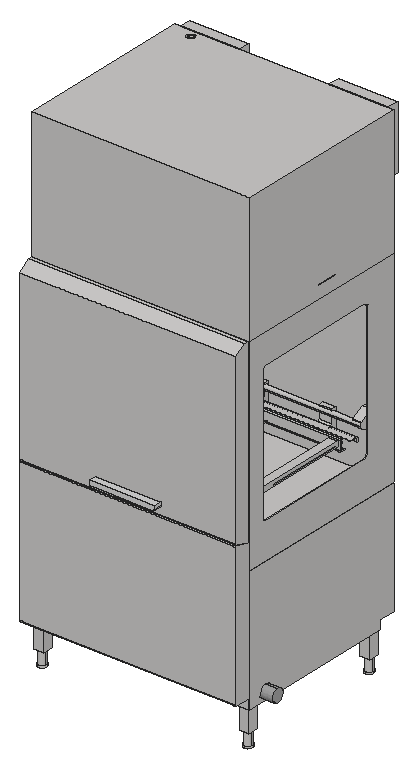
Revit family "QF_ELECTROLUXPROFESSIONAL_535145 bozza", category Specialty Equipment, Revit 2022
Family settings
  Round Connector Dimension = Use Diameter
  Part Type = Normal
  Work Plane-Based = No
  Always vertical = Yes
  Cut with Voids When Loaded = No
  Maintain Annotation Orientation = No
  Shared = No
  Room Calculation Point = No
Parameters
  Weight = 136.00 kg
  Watts = 0 W
  Volts = 380 V
  URL Manufacturer = "http://professional.electrolux.com/"
  URL = "http://professional.electrolux.com/"
  Steam Supply Size = 0 mm
  Steam Supply Minimum Pressure = 0.0 Pa
  Steam Supply Maximum Pressure = 0.0 Pa
  Steam Pounds per Hour = 0
  Show Clearance [instance] = yes
  Refrigeration Suction Line Size = 0 mm
  Refrigeration Liquid Line Size = 0 mm
  Refrigerant Compressor Remote = yes
  Manufacturer = "Electrolux"
  Phase = 3
  Model = "NLDEH"
  Length Actual = 890 mm  # constant formula
  Item Number = "535145"
  Hot Water Size = 0 mm
  Height Actual = 2020 mm  # constant formula
  HP = "11.4 HP"
  Gas Size = 0 mm
  Gas KW = 0
  Gas Input Pressure = 0 W
  Direct Waste Size = 50 mm
  Description = "35'' DRYER WITH DOOR, ELECTRIC"
  Depth Actual = 873 mm  # constant formula
  Default Elevation = 0 mm
  Cycle = 50 Hz
  Condensate Return Size = 0 mm
  Compressed Air Volume = 0.0 L/s
  Compressed Air Size = 0 mm
  Compressed Air Pressure = 0.0 Pa
  Cold Water Size = 0 mm
  Accessory = yes
Reference planes
  plane 1 "Center X": y = -14.242
  plane 2: z = 0
  plane 3 "Center Y": x = 293.437
  plane 4 "LEFT": x = -151.563
  plane 5 "RIGHT": x = 738.437
  plane 6 "BACK": y = 383.258
  plane 7 "FRONT": y = -411.742
  plane 8: z = 150
  plane 9: z = 2095
  plane 10: z = 185
  plane 11 "TOP": z = 2020
Forms (mm)
  Extrusion 1, solid, material "QF_Clearance", visible <- "Show Clearance", detail levels coarse
    sketch origin (0, 0, 0) x (1, 0, 0) y (0, 1, 0)
      loop
        line (-151.563, 383.258) -> (738.437, 383.258) -> (738.437, 433.258) -> (-151.563, 433.258) -> (-151.563, 383.258)
    from 0 to 2020
  Extrusion 2, solid, material "QF_Finishes_Stainless Steel"
    sketch origin (-151.563, 437.565, 4000) x (0, 1, 0) y (0, 0, 1)
      loop
        line (-54.307, -2507) -> (-786.807, -2507) -> (-786.807, -3337)
        arc (-786.807, -3337) -> (-785.343, -3340.536) -> (-781.807, -3342) r 5
        line (-781.807, -3342) -> (-59.307, -3342)
        arc (-59.307, -3342) -> (-55.772, -3340.536) -> (-54.307, -3337) r 5
        line (-54.307, -3337) -> (-54.307, -2507)
      loop
        line (-203.511, -2625.157) -> (-705.104, -2625.157)
        arc (-705.104, -2625.157) -> (-717.267, -2630.195) -> (-722.305, -2642.358) r 17.201
        line (-722.305, -2642.358) -> (-722.305, -3177.057)
        arc (-722.305, -3177.057) -> (-717.267, -3189.22) -> (-705.104, -3194.258) r 17.201
        line (-705.104, -3194.258) -> (-203.511, -3194.258)
        arc (-203.511, -3194.258) -> (-191.348, -3189.22) -> (-186.31, -3177.057) r 17.201
        line (-186.31, -3177.057) -> (-186.31, -2642.358)
        arc (-186.31, -2642.358) -> (-191.348, -2630.195) -> (-203.511, -2625.157) r 17.201
    from 0 to 5
  Extrusion 3, solid, material "QF_Finishes_Stainless Steel"
    sketch origin (293.437, 0, 235) x (0, 1, 0) y (0, 0, 1)
      loop
        line (383.258, 1785) -> (-349.242, 1785) -> (-349.242, 1258) -> (383.258, 1258) -> (383.258, 1785)
    from -445 to 445
  Extrusion 4, solid, material "QF_Finishes_Stainless Steel"
    sketch origin (293.437, 0, 0) x (0, 1, 0) y (0, 0, 1)
      loop
        line (383.258, 1493) -> (-349.242, 1493) -> (-349.242, 150) -> (315.758, 150) -> (315.758, 188) -> (383.258, 188) -> (383.258, 1493)
      loop
        line (315.758, 1443) -> (-324.242, 1443) -> (-324.242, 708) -> (315.758, 708) -> (315.758, 1443)
      loop
        line (312.758, 191) -> (380.258, 191) -> (380.258, 653) -> (-346.242, 653) -> (-346.242, 153) -> (312.758, 153) -> (312.758, 191)
    from -440 to 440
  Extrusion 5, solid, material "QF_Finishes_Stainless Steel"
    sketch origin (-151.563, 437.565, 4000) x (0, 1, 0) y (0, 0, 1)
      loop
        line (-59.307, -3344) -> (-781.807, -3344)
        arc (-781.807, -3344) -> (-785.343, -3345.464) -> (-786.807, -3349) r 5
        line (-786.807, -3349) -> (-786.807, -3850) -> (-121.807, -3850) -> (-121.807, -3812) -> (-54.307, -3812) -> (-54.307, -3349)
        arc (-54.307, -3349) -> (-55.772, -3345.464) -> (-59.307, -3344) r 5
      loop
        circle (-707.31, -3815) r 28
    from 0 to 5
  Extrusion 6, solid, material "QF_Finishes_Stainless Steel"
    sketch origin (738.437, 479.936, 4000) x (0, 1, 0) y (0, 0, 1)
      loop
        line (-96.678, -2507) -> (-829.178, -2507) -> (-829.178, -3337)
        arc (-829.178, -3337) -> (-827.714, -3340.536) -> (-824.178, -3342) r 5
        line (-824.178, -3342) -> (-101.678, -3342)
        arc (-101.678, -3342) -> (-98.142, -3340.536) -> (-96.678, -3337) r 5
        line (-96.678, -3337) -> (-96.678, -2507)
      loop
        line (-245.882, -2625.157) -> (-747.475, -2625.157)
        arc (-747.475, -2625.157) -> (-759.638, -2630.195) -> (-764.676, -2642.358) r 17.201
        line (-764.676, -2642.358) -> (-764.676, -3177.057)
        arc (-764.676, -3177.057) -> (-759.638, -3189.22) -> (-747.475, -3194.258) r 17.201
        line (-747.475, -3194.258) -> (-245.882, -3194.258)
        arc (-245.882, -3194.258) -> (-233.718, -3189.22) -> (-228.68, -3177.057) r 17.201
        line (-228.68, -3177.057) -> (-228.68, -2642.358)
        arc (-228.68, -2642.358) -> (-233.718, -2630.195) -> (-245.882, -2625.157) r 17.201
    from -5 to 0
  Extrusion 7, solid, material "QF_Finishes_Stainless Steel"
    sketch origin (738.437, 479.936, 4000) x (0, 1, 0) y (0, 0, 1)
      loop
        line (-101.678, -3344) -> (-824.178, -3344)
        arc (-824.178, -3344) -> (-827.714, -3345.464) -> (-829.178, -3349) r 5
        line (-829.178, -3349) -> (-829.178, -3850) -> (-164.178, -3850) -> (-164.178, -3812) -> (-96.678, -3812) -> (-96.678, -3349)
        arc (-96.678, -3349) -> (-98.142, -3345.464) -> (-101.678, -3344) r 5
      loop
        circle (-749.68, -3815) r 28
    from -5 to 0
  Extrusion 8, void
    sketch origin (293.437, 383.258, 2020) x (1, 0, 0) y (0, -1, 0)
      loop
        circle (-353, 33.75) r 8
      loop
        circle (-353, 33.75) r 16
    from 0 to 5
  Extrusion 9, solid, material "QF_Finishes_Gray"
    sketch origin (483.437, -244.744, 185) x (0, 0, -1) y (0, -1, 0)
      loop
        circle (0, 25) r 25
    from -305 to 685
  Sweep 10, solid, material "QF_Finishes_Gray"
    path in 3D
      loop
        line (360.437, -16.742, 627.464) -> (360.437, -16.742, 185) -> (360.437, -269.744, 185)
    profile origin (360.437, -16.742, 406.232) x (-1, 0, 0) y (0, -1, 0)
      loop
        circle (0, 0) r 25
  Revolve 11, solid, material "QF_Finishes_Gray"
    sketch origin (360.437, -16.742, 0) x (1, 0, 0) y (0, 0, -1)
      loop
        line (0, -658) -> (40, -658) -> (40, -648) -> (30, -648) -> (30, -636) -> (26.464, -632.464) -> (26.464, -627.464) -> (0, -627.464) -> (0, -658)
      axis (0, -627.464) -> (0, -658)
    angle from 0 to 360
  Extrusion 12, solid, material "QF_Finishes_Stainless Steel"
    sketch origin (0, 0, 0) x (1, 0, 0) y (0, 1, 0)
      loop
        line (-128.569, 431.258) -> (-128.569, 383.258) -> (111.431, 383.258) -> (111.431, 431.258) -> (-128.569, 431.258)
      loop
        line (475.432, 431.258) -> (475.432, 383.258) -> (715.437, 383.258) -> (715.437, 431.258) -> (475.432, 431.258)
    from 1760 to 2020
Cuts and joins
  Extrusion 8 cuts Extrusion 3
Lines and regions (mm)
  symbolic lines, style "QF_Clearances", visible <- "Show Clearance", detail levels coarse
    curve 1: line (738.437, 433.258, 2020) -> (-151.563, 433.258, 2020)
  symbolic lines
    curve 2: line (-151.563, 383.258, 0) -> (738.437, 383.258, 0)
    curve 3: line (-151.563, -349.242, 0) -> (-151.563, 383.258, 0)
    curve 4: line (738.437, -349.242, 0) -> (-151.563, -349.242, 0)
    curve 5: line (738.437, 383.258, 0) -> (738.437, -349.242, 0)
    curve 6: line (-151.563, 315.758, 0) -> (738.437, 315.758, 0)
  sketch lines
    curve 7: line (360.437, -16.742, 627.464) -> (360.437, -16.742, 185)
    curve 8: line (360.437, -269.744, 185) -> (360.437, -16.742, 185)
Dimensions and locks
  plane 4 "LEFT" to plane 5 "RIGHT" = 890 mm
  equal spacing: plane 6 "BACK", plane 1 "Center X", plane 7 "FRONT"
  plane 6 "BACK" to plane 7 "FRONT" = 795 mm
  plane 8 to level = 150 mm
  Extrusion 1 to Extrusion 8 sketch curve = 92 mm
  locked: Extrusion 5 to plane 4 "LEFT" at 5
  locked: plane 5 "RIGHT" to Extrusion 7 at 5
  Extrusion 12 to nested 6 = 873 mm
  aligned and locked: level to plane 2
  aligned and locked: cut or joined group of Extrusion 3, Extrusion 8 to plane 4 "LEFT"
  aligned and locked: plane 5 "RIGHT" to cut or joined group of Extrusion 3, Extrusion 8
  aligned and locked: Extrusion 6 to Extrusion 7
  aligned and locked: Extrusion 4 to Extrusion 7
  aligned and locked: Extrusion 4 to Extrusion 5
  aligned and locked: curve 2 to plane 6 "BACK"
  aligned and locked: curve 5 to plane 5 "RIGHT"
  aligned and locked: plane 4 "LEFT" to curve 3
  aligned and locked: curve 4 to Extrusion 4
  aligned and locked: plane 3 "Center Y" to nested 3
Automatic sketch dimensions
  Extrusion 1 sketch curve to plane 4 "LEFT" = 0 mm
  Extrusion 1 sketch curve to plane 5 "RIGHT" = 0 mm
  Extrusion 1 sketch curve to plane 6 "BACK" = 0 mm
  plane 6 "BACK" to Extrusion 1 sketch curve = 50 mm
  Extrusion 2 sketch curve to plane 6 "BACK" = 0 mm
  Extrusion 2 sketch curve to Extrusion 2 sketch curve = 5 mm  (x2)
  Extrusion 2 sketch curve to plane 6 "BACK" = 132.002 mm  (x2)
  Extrusion 2 sketch curve to Extrusion 2 sketch curve = 17.201 mm  (x3)
  plane 7 "FRONT" to Extrusion 2 sketch curve = 144.203 mm  (x2)
  plane 7 "FRONT" to Extrusion 2 sketch curve = 67.5 mm
  plane 10 to Extrusion 2 sketch curve = 473 mm
  Extrusion 2 sketch curve to Extrusion 2 sketch curve = 142.742 mm
  Extrusion 2 sketch curve to Extrusion 2 sketch curve = 0 mm  (x2)
  Extrusion 2 sketch curve to Extrusion 2 sketch curve = 534.698 mm
  Extrusion 2 sketch curve to Extrusion 2 sketch curve = 135.358 mm
  Extrusion 3 sketch curve to plane 6 "BACK" = 0 mm
  plane 7 "FRONT" to Extrusion 3 sketch curve = 62.5 mm
  Extrusion 3 sketch curve to Extrusion 3 sketch curve = 527 mm
  Extrusion 4 sketch curve to plane 8 = 0 mm
  Extrusion 4 sketch curve to plane 6 "BACK" = 0 mm
  plane 10 to Extrusion 4 sketch curve = 3 mm
  Extrusion 4 sketch curve to plane 6 "BACK" = 67.5 mm  (x2)
  plane 7 "FRONT" to Extrusion 4 sketch curve = 62.5 mm
  Extrusion 4 sketch curve to Extrusion 4 sketch curve = 520 mm
  Extrusion 4 sketch curve to Extrusion 4 sketch curve = 50 mm
  Extrusion 5 sketch curve to plane 6 "BACK" = 0 mm
  Extrusion 5 sketch curve to plane 6 "BACK" = 5 mm
  plane 10 to Extrusion 5 sketch curve = 3 mm
  Extrusion 5 sketch curve to Extrusion 5 sketch curve = 67.5 mm
  plane 7 "FRONT" to Extrusion 5 sketch curve = 67.5 mm
  plane 10 to Extrusion 5 sketch curve = 466 mm
  Extrusion 6 sketch curve to plane 6 "BACK" = 0 mm
  Extrusion 6 sketch curve to plane 6 "BACK" = 5 mm
  Extrusion 6 sketch curve to plane 6 "BACK" = 132.002 mm  (x2)
  Extrusion 6 sketch curve to Extrusion 6 sketch curve = 17.201 mm  (x3)
  plane 7 "FRONT" to Extrusion 6 sketch curve = 144.203 mm  (x2)
  plane 7 "FRONT" to Extrusion 6 sketch curve = 67.5 mm
  Extrusion 6 sketch curve to Extrusion 6 sketch curve = 5 mm
  plane 10 to Extrusion 6 sketch curve = 473 mm
  Extrusion 6 sketch curve to Extrusion 6 sketch curve = 142.742 mm
  Extrusion 6 sketch curve to Extrusion 6 sketch curve = 0 mm  (x2)
  Extrusion 6 sketch curve to Extrusion 6 sketch curve = 534.698 mm
  Extrusion 6 sketch curve to Extrusion 6 sketch curve = 135.358 mm
  Extrusion 7 sketch curve to plane 6 "BACK" = 0 mm
  Extrusion 7 sketch curve to plane 6 "BACK" = 5 mm
  plane 10 to Extrusion 7 sketch curve = 3 mm
  Extrusion 7 sketch curve to plane 6 "BACK" = 67.5 mm
  plane 7 "FRONT" to Extrusion 7 sketch curve = 67.5 mm
  plane 10 to Extrusion 7 sketch curve = 466 mm
  Extrusion 8 sketch curve to Extrusion 8 sketch curve = 0 mm  (x2)
  Extrusion 3 to Extrusion 8 sketch curve = 33.75 mm
  curve 1 to Extrusion 3 = 0 mm  (x2)
  curve 1 to Extrusion 3 = 50 mm
  curve 6 to plane 6 "BACK" = 67.5 mm
  Extrusion 3 sketch curve to plane 9 = 602 mm
  Extrusion 4 sketch curve to plane 9 = 652 mm
  Extrusion 4 sketch curve to Extrusion 4 sketch curve = 3 mm  (x3)
  plane 8 to Extrusion 4 sketch curve = 3 mm
  Extrusion 4 sketch curve to Extrusion 4 sketch curve = 22 mm
  Extrusion 4 sketch curve to plane 6 "BACK" = 3 mm
  Extrusion 4 sketch curve to Extrusion 4 sketch curve = 55 mm
  Extrusion 5 sketch curve to plane 8 = 0 mm
  Extrusion 5 sketch curve to Extrusion 5 sketch curve = 5 mm
  Extrusion 5 sketch curve to Extrusion 5 sketch curve = 0 mm  (x2)
  Extrusion 5 sketch curve to plane 10 = 0 mm
  Extrusion 5 sketch curve to Extrusion 5 sketch curve = 79.498 mm
  Extrusion 5 sketch curve to Extrusion 5 sketch curve = 28 mm
  Extrusion 7 sketch curve to plane 8 = 0 mm
  Extrusion 7 sketch curve to Extrusion 7 sketch curve = 5 mm
  Extrusion 7 sketch curve to Extrusion 7 sketch curve = 0 mm  (x2)
  Extrusion 7 sketch curve to plane 10 = 0 mm
  Extrusion 7 sketch curve to Extrusion 7 sketch curve = 79.498 mm
  Extrusion 7 sketch curve to Extrusion 7 sketch curve = 28 mm
  Extrusion 9 sketch curve to plane 10 = 0 mm
  plane 7 "FRONT" to Extrusion 9 sketch curve = 141.998 mm
  Sweep 10 sketch curve to profile plane = 0 mm  (x2)
  plane 3 "Center Y" to Revolve 11 sketch curve = 67 mm
  Revolve 11 sketch curve to Revolve 11 sketch curve = 26.464 mm
  Revolve 11 sketch curve to Revolve 11 sketch curve = 3.536 mm  (x2)
  Revolve 11 sketch curve to Revolve 11 sketch curve = 10 mm  (x3)
  plane 10 to Revolve 11 sketch curve = 473 mm
  Revolve 11 sketch curve to Revolve 11 sketch curve = 12 mm
  Revolve 11 sketch curve to Revolve 11 sketch curve = 5 mm
  Revolve 11 sketch curve to Revolve 11 sketch curve = 0 mm  (x2)
  Extrusion 12 sketch curve to plane 6 "BACK" = 0 mm  (x2)
  plane 4 "LEFT" to Extrusion 12 sketch curve = 22.994 mm
  Extrusion 12 sketch curve to plane 3 "Center Y" = 182.006 mm
  plane 6 "BACK" to Extrusion 12 sketch curve = 48 mm  (x2)
  plane 3 "Center Y" to Extrusion 12 sketch curve = 181.995 mm
  Extrusion 12 sketch curve to plane 5 "RIGHT" = 23 mm
  radius of Extrusion 8 sketch curve = 8 mm
  radius of Extrusion 8 sketch curve = 16 mm
  radius of Extrusion 9 sketch curve = 25 mm
  radius of Sweep 10 sketch curve = 25 mm
Nested families
  nested 1: "Foot_40x40_H150" at (712.437, -324.742, 0), type "Foot_40x40_H150"
  nested 2: "Foot_40x40_H150" at (712.437, 291.258, 0), type "Foot_40x40_H150"
  nested 3: "Basket_Guide+Wash_Arm_35''" at (0, 0, 0), type "Basket_Guide+Wash_Arm_35''"
  nested 4: "Foot_40x40_H150" at (-125.563, -324.742, 0) x (-1, 0, 0) z (0, 0, 1), type "Foot_40x40_H150"
  nested 5: "Foot_40x40_H150" at (-125.563, 291.258, 0) x (-1, 0, 0) z (0, 0, 1), type "Foot_40x40_H150"
  nested 6: "Door_35''" at (-115, 0, 0), Show Clearance <- "Show Clearance", type "Door_35''"
    with Show Clearance yes
Connectors
  electrical at (-59.563, 349.508, 2020), driven by "Volts"
    settings: on cut or joined group of Extrusion 3, Extrusion 8, index 5, voltage 380 V, apparent load 0 VA, apparent load phase1 0 VA, apparent load phase2 0 VA, apparent load phase3 0 VA, power factor 1, load classification "Altro", number of poles 1, system type 30, power factor state 1, is connector primary yes, connector utility no, sub classification motor no, connector description "Electrical Connection"
  piping at (360.437, -16.742, 627.464), diameter 50
    settings: on Sweep 10, index 6, connector inside diameter 609.6 mm, connector length 0 mm, flow factor 0, pipe flow 0.0 L/s, pressure drop 0.0 Pa, fitting loss kfactor 0, connector angle 0.00°, fixture units 0, engagement length 0 mm, angle of deflection 0.00°, flow configuration 1, flow direction 2, fitting loss method 0, system type 16, joint type 0, gender type 0, connector reference index -1, connector utility 0, adjustable connector no, is connector primary yes, connector description "Drain"
Definition of nested family "Foot_40x40_H150"
  Parameters
    Default Elevation = 0 mm
  Reference planes
    plane 1 "Centro (Fronte/Retro)": y = 0
    plane 2: z = 0
    plane 3 "Centro (Sinistra/Destra)": x = 0
    plane 4: z = 150
  Forms (mm)
    Extrusion 1, solid
      sketch origin (0, 0, 0) x (1, 0, 0) y (0, 1, 0)
        loop
          circle (0, 0) r 18
      from 0 to 5
    Extrusion 2, solid
      sketch origin (0, 0, 5) x (1, 0, 0) y (0, 1, 0)
        loop
          circle (0, 0) r 15
      from 0 to 55
    Extrusion 3, solid
      sketch origin (0, 0, 60) x (1, 0, 0) y (0, 1, 0)
        loop
          line (-20, 20) -> (-20, -20) -> (20, -20) -> (20, 20) -> (-20, 20)
      from 0 to 90
  Dimensions and locks
    aligned and locked: level to plane 2
    aligned and locked: plane 4 to Extrusion 3
    aligned and locked: Extrusion 1 to level
Definition of nested family "Basket_Guide+Wash_Arm_35''"
  Parameters
    Default Elevation = 0 mm
  Reference planes
    plane 1 "Center X": y = -14.242
    plane 2: z = 0
    plane 3 "Center Y": x = 293.437
    plane 4 "LEFT": x = -151.563
    plane 5 "RIGHT": x = 738.437
    plane 6 "BACK": y = 383.258
    plane 7 "FRONT": y = -411.742
    plane 8: z = 150
    plane 9 "TOP": z = 1785
    plane 10: z = 875
  Forms (mm)
    Extrusion 1, solid
      sketch origin (293.437, -8.484, 0) x (0, -1, 0) y (0, 0, 1)
        loop
          line (267.703, 929.245) -> (267.703, 907.554) -> (315.758, 879.81) -> (315.758, 956.99) -> (267.703, 929.245)
        loop
          line (-256.187, 929.245) -> (-304.242, 956.99) -> (-324.242, 956.99) -> (-324.242, 879.81) -> (-304.242, 879.81) -> (-256.187, 907.554) -> (-256.187, 929.245)
      from -424 to -388
    Extrusion 2, solid
      sketch origin (293.437, -8.484, 0) x (0, -1, 0) y (0, 0, 1)
        loop
          circle (270.703, 918.4) r 10
        loop
          circle (-259.187, 918.4) r 10
      from -424 to 424
    Extrusion 3, solid
      sketch origin (293.437, -28.484, 0) x (0, -1, 0) y (0, 0, 1)
        loop
          line (251.003, 880.8) -> (243.003, 872.8) -> (228.003, 872.8) -> (228.003, 855.89) -> (208.003, 855.89) -> (208.003, 833.698) -> (244.4, 833.698) -> (215.584, 804.882) -> (206.801, 763.596) -> (207.78, 763.388) -> (216.501, 804.385) -> (268.424, 856.308) -> (268.424, 933.4) -> (251.003, 933.4) -> (251.003, 880.8)
        loop
          line (-279.487, 880.8) -> (-279.487, 933.4) -> (-296.908, 933.4) -> (-296.908, 856.308) -> (-274.298, 833.698) -> (-236.487, 833.698) -> (-236.487, 855.89) -> (-256.487, 855.89) -> (-256.487, 872.8) -> (-271.487, 872.8) -> (-279.487, 880.8)
        loop
          line (223.202, 1443) -> (221.202, 1443) -> (221.202, 1420.7) -> (198.852, 1381.988) -> (200.584, 1380.988) -> (223.202, 1420.164) -> (223.202, 1443)
      from -300 to -250
    Extrusion 4, solid
      sketch origin (293.437, -8.484, 0) x (0, -1, 0) y (0, 0, 1)
        loop
          line (-249.098, 858) -> (-249.098, 870.68)
          arc (-249.098, 870.68) -> (-248.419, 872.32) -> (-246.778, 873) r 2.32
          line (-246.778, 873) -> (-219.098, 873) -> (-219.098, 875) -> (-246.778, 875)
          arc (-246.778, 875) -> (-249.833, 873.735) -> (-251.098, 870.68) r 4.32
          line (-251.098, 870.68) -> (-251.098, 858) -> (-249.098, 858)
        loop
          line (260.615, 858) -> (262.615, 858) -> (262.615, 870.68)
          arc (262.615, 870.68) -> (261.349, 873.735) -> (258.294, 875) r 4.32
          line (258.294, 875) -> (230.615, 875) -> (230.615, 873) -> (258.294, 873)
          arc (258.294, 873) -> (259.935, 872.32) -> (260.615, 870.68) r 2.32
          line (260.615, 870.68) -> (260.615, 858)
      from -410 to 410
    Extrusion 5, solid
      sketch origin (293.437, -8.484, 0) x (0, -1, 0) y (0, 0, 1)
        loop
          arc (-216.318, 825.32) -> (-216.998, 823.679) -> (-218.639, 823) r 2.32
          line (-218.639, 823) -> (-236.318, 823) -> (-236.318, 821) -> (-218.639, 821)
          arc (-218.639, 821) -> (-215.584, 822.265) -> (-214.318, 825.32) r 4.32
          line (-214.318, 825.32) -> (-214.318, 861.68)
          arc (-214.318, 861.68) -> (-215.584, 864.735) -> (-218.639, 866) r 4.32
          line (-218.639, 866) -> (-236.318, 866) -> (-236.318, 864) -> (-218.639, 864)
          arc (-218.639, 864) -> (-216.998, 863.32) -> (-216.318, 861.68) r 2.32
          line (-216.318, 861.68) -> (-216.318, 825.32)
        loop
          line (227.835, 825.32) -> (227.835, 861.68)
          arc (227.835, 861.68) -> (228.514, 863.32) -> (230.155, 864) r 2.32
          line (230.155, 864) -> (247.835, 864) -> (247.835, 866) -> (230.155, 866)
          arc (230.155, 866) -> (227.1, 864.735) -> (225.835, 861.68) r 4.32
          line (225.835, 861.68) -> (225.835, 825.32)
          arc (225.835, 825.32) -> (227.1, 822.265) -> (230.155, 821) r 4.32
          line (230.155, 821) -> (247.835, 821) -> (247.835, 823) -> (230.155, 823)
          arc (230.155, 823) -> (228.514, 823.679) -> (227.835, 825.32) r 2.32
      from -370 to 370
    Extrusion 6, solid
      sketch origin (293.437, -8.484, 0) x (0, -1, 0) y (0, 0, 1)
        loop
          line (267.703, 929.245) -> (267.703, 907.554) -> (315.758, 879.81) -> (315.758, 956.99) -> (267.703, 929.245)
        loop
          line (-256.187, 929.245) -> (-304.242, 956.99) -> (-324.242, 956.99) -> (-324.242, 879.81) -> (-304.242, 879.81) -> (-256.187, 907.554) -> (-256.187, 929.245)
      from 424 to 388
    Extrusion 7, solid
      sketch origin (293.437, -28.484, 0) x (0, -1, 0) y (0, 0, 1)
        loop
          line (251.003, 880.8) -> (243.003, 872.8) -> (228.003, 872.8) -> (228.003, 855.89) -> (208.003, 855.89) -> (208.003, 833.698) -> (244.4, 833.698) -> (215.584, 804.882) -> (206.801, 763.596) -> (207.78, 763.388) -> (216.501, 804.385) -> (268.424, 856.308) -> (268.424, 933.4) -> (251.003, 933.4) -> (251.003, 880.8)
        loop
          line (-279.487, 880.8) -> (-279.487, 933.4) -> (-296.908, 933.4) -> (-296.908, 856.308) -> (-274.298, 833.698) -> (-236.487, 833.698) -> (-236.487, 855.89) -> (-256.487, 855.89) -> (-256.487, 872.8) -> (-271.487, 872.8) -> (-279.487, 880.8)
        loop
          line (223.202, 1443) -> (221.202, 1443) -> (221.202, 1420.7) -> (198.852, 1381.988) -> (200.584, 1380.988) -> (223.202, 1420.164) -> (223.202, 1443)
      from 300 to 250
    Extrusion 8, solid
      sketch origin (293.437, -8.484, 0) x (0, -1, 0) y (0, 0, 1)
        loop
          line (225.835, 858) -> (-214.318, 858) -> (-214.318, 836) -> (225.835, 836) -> (225.835, 858)
      from -360 to -325
    Extrusion 9, solid
      sketch origin (293.437, -8.484, 0) x (0, -1, 0) y (0, 0, 1)
        loop
          line (225.835, 858) -> (-214.318, 858) -> (-214.318, 836) -> (225.835, 836) -> (225.835, 858)
      from 360 to 325
    Extrusion 10, solid
      sketch origin (293.437, 315.758, 1443) x (0, 0, 1) y (-1, 0, 0)
        loop
          line (-650.516, -267.5) -> (-663.507, -260) -> (-676.497, -267.5) -> (-676.497, -282.5) -> (-663.507, -290) -> (-650.516, -282.5) -> (-650.516, -267.5)
        loop
          line (-650.516, 7.5) -> (-663.507, 15) -> (-676.497, 7.5) -> (-676.497, -7.5) -> (-663.507, -15) -> (-650.516, -7.5) -> (-650.516, 7.5)
        loop
          line (-650.516, 282.5) -> (-663.507, 290) -> (-676.497, 282.5) -> (-676.497, 267.5) -> (-663.507, 260) -> (-650.516, 267.5) -> (-650.516, 282.5)
        loop
          line (-22.01, -267.5) -> (-35, -260) -> (-47.99, -267.5) -> (-47.99, -282.5) -> (-35, -290) -> (-22.01, -282.5) -> (-22.01, -267.5)
        loop
          line (-22.01, 7.5) -> (-35, 15) -> (-47.99, 7.5) -> (-47.99, -7.5) -> (-35, -15) -> (-22.01, -7.5) -> (-22.01, 7.5)
        loop
          line (-22.01, 282.5) -> (-35, 290) -> (-47.99, 282.5) -> (-47.99, 267.5) -> (-35, 260) -> (-22.01, 267.5) -> (-22.01, 282.5)
      from 0 to 30
    Extrusion 11, solid
      sketch origin (293.437, 285.758, 1443) x (0, 0, 1) y (-1, 0, 0)
        loop
          circle (-663.507, -275) r 10
        loop
          circle (-663.507, 0) r 10
        loop
          circle (-663.507, 275) r 10
        loop
          circle (-35, 275) r 10
        loop
          circle (-35, 0) r 10
        loop
          circle (-35, -275) r 10
      from 0 to 537.443
    Extrusion 12, solid
      sketch origin (293.437, -28.484, 0) x (0, -1, 0) y (0, 0, 1)
        loop
          line (251.003, 880.8) -> (243.003, 872.8) -> (228.003, 872.8) -> (228.003, 855.89) -> (208.003, 855.89) -> (208.003, 833.698) -> (244.4, 833.698) -> (215.584, 804.882) -> (206.801, 763.596) -> (207.78, 763.388) -> (216.501, 804.385) -> (268.424, 856.308) -> (268.424, 933.4) -> (251.003, 933.4) -> (251.003, 880.8)
        loop
          line (-279.487, 880.8) -> (-279.487, 933.4) -> (-296.908, 933.4) -> (-296.908, 856.308) -> (-274.298, 833.698) -> (-236.487, 833.698) -> (-236.487, 855.89) -> (-256.487, 855.89) -> (-256.487, 872.8) -> (-271.487, 872.8) -> (-279.487, 880.8)
        loop
          line (223.202, 1443) -> (221.202, 1443) -> (221.202, 1420.7) -> (198.852, 1381.988) -> (200.584, 1380.988) -> (223.202, 1420.164) -> (223.202, 1443)
      from -25 to 25
  Cuts and joins
    joined: Extrusion 1, Extrusion 2, Extrusion 3, Extrusion 4, Extrusion 6, Extrusion 7, Extrusion 10, Extrusion 11, Extrusion 12
    joined: Extrusion 5, Extrusion 8, Extrusion 9
  Dimensions and locks
    plane 4 "LEFT" to plane 5 "RIGHT" = 890 mm
    equal spacing: plane 4 "LEFT", plane 3 "Center Y", plane 5 "RIGHT"
    equal spacing: plane 6 "BACK", plane 1 "Center X", plane 7 "FRONT"
    plane 6 "BACK" to plane 7 "FRONT" = 795 mm
    plane 9 "TOP" to plane 8 to level = 1635 mm, 150 mm
    aligned and locked: level to plane 2
  Automatic sketch dimensions
    plane 10 to Extrusion 1 sketch curve = 4.81 mm  (x2)
    Extrusion 1 sketch curve to plane 6 "BACK" = 67.5 mm
    Extrusion 1 sketch curve to Extrusion 1 sketch curve = 20 mm  (x2)
    Extrusion 1 sketch curve to Extrusion 1 sketch curve = 48.055 mm  (x2)
    plane 10 to Extrusion 1 sketch curve = 32.554 mm  (x2)
    Extrusion 1 sketch curve to Extrusion 1 sketch curve = 21.691 mm  (x2)
    Extrusion 1 sketch curve to Extrusion 1 sketch curve = 27.745 mm  (x2)
    plane 10 to Extrusion 2 sketch curve = 43.4 mm  (x2)
    Extrusion 2 sketch curve to plane 6 "BACK" = 132.555 mm
    Extrusion 3 sketch curve to plane 6 "BACK" = 114.834 mm
    Extrusion 3 sketch curve to Extrusion 3 sketch curve = 17.421 mm  (x3)
    plane 10 to Extrusion 3 sketch curve = 5.8 mm  (x2)
    Extrusion 3 sketch curve to plane 10 = 41.302 mm
    Extrusion 3 sketch curve to Extrusion 3 sketch curve = 22.61 mm
    Extrusion 3 sketch curve to plane 10 = 2.2 mm  (x2)
    Extrusion 3 sketch curve to Extrusion 3 sketch curve = 8 mm  (x2)
    Extrusion 3 sketch curve to Extrusion 3 sketch curve = 15 mm  (x2)
    Extrusion 3 sketch curve to Extrusion 3 sketch curve = 20 mm  (x2)
    Extrusion 3 sketch curve to Extrusion 3 sketch curve = 1.732 mm
    Extrusion 3 sketch curve to Extrusion 3 sketch curve = 0.978 mm
    Extrusion 3 sketch curve to Extrusion 3 sketch curve = 0.916 mm
    Extrusion 3 sketch curve to Extrusion 3 sketch curve = 2 mm
    Extrusion 3 sketch curve to Extrusion 3 sketch curve = 39.101 mm
    Extrusion 3 sketch curve to Extrusion 3 sketch curve = 16.909 mm  (x2)
    Extrusion 3 sketch curve to plane 10 = 18.692 mm  (x2)
    Extrusion 3 sketch curve to Extrusion 3 sketch curve = 52.6 mm  (x2)
    Extrusion 3 sketch curve to Extrusion 3 sketch curve = 22.3 mm
    Extrusion 4 sketch curve to Extrusion 4 sketch curve = 0 mm  (x6)
    Extrusion 4 sketch curve to plane 10 = 0 mm  (x2)
    Extrusion 4 sketch curve to plane 10 = 4.32 mm  (x2)
    Extrusion 4 sketch curve to plane 6 "BACK" = 140.644 mm
    Extrusion 4 sketch curve to Extrusion 4 sketch curve = 2 mm  (x2)
    Extrusion 4 sketch curve to Extrusion 4 sketch curve = 27.68 mm  (x2)
    Extrusion 4 sketch curve to Extrusion 4 sketch curve = 12.68 mm  (x2)
    Extrusion 5 sketch curve to Extrusion 5 sketch curve = 0 mm  (x10)
    Extrusion 5 sketch curve to plane 10 = 9 mm
    Extrusion 5 sketch curve to plane 6 "BACK" = 155.423 mm
    Extrusion 5 sketch curve to Extrusion 5 sketch curve = 17.68 mm  (x4)
    Extrusion 5 sketch curve to Extrusion 5 sketch curve = 2.32 mm  (x3)
    Extrusion 5 sketch curve to Extrusion 5 sketch curve = 2 mm  (x2)
    Extrusion 5 sketch curve to Extrusion 5 sketch curve = 36.36 mm
    Extrusion 5 sketch curve to plane 10 = 13.32 mm
    plane 10 to Extrusion 6 sketch curve = 4.81 mm  (x2)
    Extrusion 6 sketch curve to plane 6 "BACK" = 67.5 mm
    Extrusion 6 sketch curve to Extrusion 6 sketch curve = 20 mm  (x2)
    Extrusion 6 sketch curve to Extrusion 6 sketch curve = 48.055 mm  (x2)
    plane 10 to Extrusion 6 sketch curve = 32.554 mm  (x2)
    Extrusion 6 sketch curve to Extrusion 6 sketch curve = 21.691 mm  (x2)
    Extrusion 6 sketch curve to Extrusion 6 sketch curve = 27.745 mm  (x2)
    Extrusion 7 sketch curve to plane 6 "BACK" = 114.834 mm
    Extrusion 7 sketch curve to Extrusion 7 sketch curve = 17.421 mm  (x3)
    plane 10 to Extrusion 7 sketch curve = 5.8 mm  (x2)
    Extrusion 7 sketch curve to plane 10 = 41.302 mm
    Extrusion 7 sketch curve to Extrusion 7 sketch curve = 22.61 mm
    Extrusion 7 sketch curve to plane 10 = 2.2 mm  (x2)
    Extrusion 7 sketch curve to Extrusion 7 sketch curve = 8 mm  (x2)
    Extrusion 7 sketch curve to Extrusion 7 sketch curve = 15 mm  (x2)
    Extrusion 7 sketch curve to Extrusion 7 sketch curve = 20 mm  (x2)
    Extrusion 7 sketch curve to Extrusion 7 sketch curve = 1.732 mm
    Extrusion 7 sketch curve to Extrusion 7 sketch curve = 0.978 mm
    Extrusion 7 sketch curve to Extrusion 7 sketch curve = 0.916 mm
    Extrusion 7 sketch curve to Extrusion 7 sketch curve = 2 mm
    Extrusion 7 sketch curve to Extrusion 7 sketch curve = 39.101 mm
    Extrusion 7 sketch curve to Extrusion 7 sketch curve = 16.909 mm  (x2)
    Extrusion 7 sketch curve to plane 10 = 18.692 mm  (x2)
    Extrusion 7 sketch curve to Extrusion 7 sketch curve = 52.6 mm  (x2)
    Extrusion 7 sketch curve to Extrusion 7 sketch curve = 22.3 mm
    Extrusion 8 sketch curve to plane 10 = 17 mm
    Extrusion 8 sketch curve to Extrusion 8 sketch curve = 22 mm
    Extrusion 9 sketch curve to plane 10 = 17 mm
    Extrusion 9 sketch curve to Extrusion 9 sketch curve = 22 mm
    Extrusion 10 sketch curve to Extrusion 10 sketch curve = 7.5 mm  (x15)
    plane 3 "Center Y" to Extrusion 10 sketch curve = 15 mm  (x2)
    plane 3 "Center Y" to Extrusion 10 sketch curve = 7.5 mm  (x4)
    Extrusion 10 sketch curve to plane 3 "Center Y" = 7.5 mm  (x4)
    Extrusion 11 sketch curve to Extrusion 10 = 12.99 mm  (x7)
    Extrusion 11 sketch curve to Extrusion 11 sketch curve = 0 mm
    Extrusion 11 sketch curve to Extrusion 11 sketch curve = 275 mm  (x4)
    Extrusion 12 sketch curve to plane 6 "BACK" = 114.834 mm
    Extrusion 12 sketch curve to Extrusion 12 sketch curve = 17.421 mm  (x3)
    plane 10 to Extrusion 12 sketch curve = 5.8 mm  (x2)
    Extrusion 12 sketch curve to plane 10 = 41.302 mm
    Extrusion 12 sketch curve to Extrusion 12 sketch curve = 22.61 mm
    Extrusion 12 sketch curve to plane 10 = 2.2 mm  (x2)
    Extrusion 12 sketch curve to Extrusion 12 sketch curve = 8 mm  (x2)
    Extrusion 12 sketch curve to Extrusion 12 sketch curve = 15 mm  (x2)
    Extrusion 12 sketch curve to Extrusion 12 sketch curve = 20 mm  (x2)
    Extrusion 12 sketch curve to Extrusion 12 sketch curve = 1.732 mm
    Extrusion 12 sketch curve to Extrusion 12 sketch curve = 0.978 mm
    Extrusion 12 sketch curve to Extrusion 12 sketch curve = 0.916 mm
    Extrusion 12 sketch curve to Extrusion 12 sketch curve = 2 mm
    Extrusion 12 sketch curve to Extrusion 12 sketch curve = 39.101 mm
    Extrusion 12 sketch curve to Extrusion 12 sketch curve = 16.909 mm  (x2)
    Extrusion 12 sketch curve to plane 10 = 18.692 mm  (x2)
    Extrusion 12 sketch curve to Extrusion 12 sketch curve = 52.6 mm  (x2)
    Extrusion 12 sketch curve to Extrusion 12 sketch curve = 22.3 mm
    plane 7 "FRONT" to Extrusion 1 sketch curve = 135.555 mm
    plane 7 "FRONT" to Extrusion 2 sketch curve = 132.555 mm
    plane 7 "FRONT" to Extrusion 3 sketch curve = 184.407 mm
    plane 7 "FRONT" to Extrusion 3 sketch curve = 176.457 mm
    Extrusion 3 sketch curve to Extrusion 3 sketch curve = 7.581 mm
    Extrusion 3 sketch curve to Extrusion 3 sketch curve = 16.397 mm
    Extrusion 3 sketch curve to Extrusion 3 sketch curve = 0 mm
    plane 7 "FRONT" to Extrusion 4 sketch curve = 172.644 mm
    plane 7 "FRONT" to Extrusion 5 sketch curve = 177.423 mm
    plane 7 "FRONT" to Extrusion 6 sketch curve = 135.555 mm
    plane 7 "FRONT" to Extrusion 7 sketch curve = 184.407 mm
    plane 7 "FRONT" to Extrusion 7 sketch curve = 176.457 mm
    Extrusion 7 sketch curve to Extrusion 7 sketch curve = 7.581 mm
    Extrusion 7 sketch curve to Extrusion 7 sketch curve = 16.397 mm
    Extrusion 7 sketch curve to Extrusion 7 sketch curve = 0 mm
    Extrusion 8 sketch curve to plane 6 "BACK" = 177.423 mm
    plane 7 "FRONT" to Extrusion 8 sketch curve = 177.423 mm
    Extrusion 9 sketch curve to plane 6 "BACK" = 177.423 mm
    plane 7 "FRONT" to Extrusion 9 sketch curve = 177.423 mm
    plane 7 "FRONT" to Extrusion 12 sketch curve = 184.407 mm
    plane 7 "FRONT" to Extrusion 12 sketch curve = 176.457 mm
    Extrusion 12 sketch curve to Extrusion 12 sketch curve = 7.581 mm
    Extrusion 12 sketch curve to Extrusion 12 sketch curve = 16.397 mm
    Extrusion 12 sketch curve to Extrusion 12 sketch curve = 0 mm
    Extrusion 10 sketch curve to plane 5 "RIGHT" = 185 mm  (x2)
    Extrusion 10 sketch curve to Extrusion 10 sketch curve = 15 mm  (x7)
    plane 4 "LEFT" to Extrusion 10 sketch curve = 185 mm  (x2)
    Extrusion 3 sketch curve to Extrusion 3 sketch curve = 1.202 mm
    Extrusion 3 sketch curve to Extrusion 3 sketch curve = 22.35 mm
    Extrusion 3 sketch curve to Extrusion 3 sketch curve = 28.816 mm
    Extrusion 3 sketch curve to Extrusion 3 sketch curve = 0.498 mm
    Extrusion 3 sketch curve to plane 9 "TOP" = 404.012 mm
    Extrusion 3 sketch curve to Extrusion 3 sketch curve = 1 mm
    Extrusion 5 sketch curve to Extrusion 5 sketch curve = 40.68 mm
    Extrusion 7 sketch curve to Extrusion 7 sketch curve = 1.202 mm
    Extrusion 7 sketch curve to Extrusion 7 sketch curve = 22.35 mm
    Extrusion 7 sketch curve to Extrusion 7 sketch curve = 28.816 mm
    Extrusion 7 sketch curve to Extrusion 7 sketch curve = 0.498 mm
    Extrusion 7 sketch curve to plane 9 "TOP" = 404.012 mm
    Extrusion 7 sketch curve to Extrusion 7 sketch curve = 1 mm
    Extrusion 10 sketch curve to plane 10 = 108.497 mm  (x3)
    Extrusion 10 sketch curve to Extrusion 10 sketch curve = 12.99 mm  (x18)
    Extrusion 10 sketch curve to plane 9 "TOP" = 389.99 mm
    Extrusion 10 sketch curve to Extrusion 10 sketch curve = 0 mm  (x2)
    Extrusion 12 sketch curve to Extrusion 12 sketch curve = 1.202 mm
    Extrusion 12 sketch curve to Extrusion 12 sketch curve = 22.35 mm
    Extrusion 12 sketch curve to Extrusion 12 sketch curve = 28.816 mm
    Extrusion 12 sketch curve to Extrusion 12 sketch curve = 0.498 mm
    Extrusion 12 sketch curve to plane 9 "TOP" = 404.012 mm
    Extrusion 12 sketch curve to Extrusion 12 sketch curve = 1 mm
    radius of Extrusion 2 sketch curve = 10 mm  (x2)
    radius of Extrusion 11 sketch curve = 10 mm  (x6)
Definition of nested family "Door_35''"
  Parameters
    Show Clearance [instance] = yes
    Default Elevation = 0 mm
  Reference planes
    plane 1: z = 0
    plane 2 "Center Y": x = 408.437
    plane 3 "LEFT": x = -36.563
    plane 4 "RIGHT": x = 853.437
    plane 5 "FRONT": y = -411.742
    plane 6: z = 150
    plane 7 "TOP": z = 1785
    plane 8: z = 2095
    plane 9: z = 185
    plane 10: y = -349.242
  Forms (mm)
    Extrusion 1, solid
      sketch origin (853.437, -411.742, 1493) x (0, 0, -1) y (1, 0, 0)
        loop
          line (666, -576) -> (681, -576)
          arc (681, -576) -> (684.536, -574.536) -> (686, -571) r 5
          line (686, -571) -> (686, -319)
          arc (686, -319) -> (684.536, -315.464) -> (681, -314) r 5
          line (681, -314) -> (666, -314) -> (666, -576)
      from 0 to 30
    Extrusion 2, solid
      sketch origin (408.437, 0, 0) x (0, 1, 0) y (0, 0, 1)
        loop
          line (-349.242, 188) -> (-349.242, 758.131) -> (-408.595, 774.035)
          arc (-408.595, 774.035) -> (-410.764, 773.603) -> (-411.742, 771.62) r 2.5
          line (-411.742, 771.62) -> (-411.742, 190.5)
          arc (-411.742, 190.5) -> (-411.01, 188.732) -> (-409.242, 188) r 2.5
          line (-409.242, 188) -> (-349.242, 188)
      from -440 to 440
    Extrusion 3, solid
      sketch origin (408.437, 0, 0) x (0, 1, 0) y (0, 0, 1)
        loop
          line (-352.242, 1493) -> (-369.317, 1493) -> (-411.742, 1463.413) -> (-411.742, 778.225)
          arc (-411.742, 778.225) -> (-411.225, 776.703) -> (-409.889, 775.81) r 2.5
          line (-409.889, 775.81) -> (-355.389, 761.206)
          arc (-355.389, 761.206) -> (-353.22, 761.638) -> (-352.242, 763.621) r 2.5
          line (-352.242, 763.621) -> (-352.242, 1493)
      from -440 to 440
    Extrusion 4, solid, visible <- "Show Clearance", detail levels coarse
      sketch origin (853.437, -411.742, 2095) x (0, 0, -1) y (1, 0, 0)
        loop
          line (666, -576) -> (681, -576)
          arc (681, -576) -> (684.536, -574.536) -> (686, -571) r 5
          line (686, -571) -> (686, -319)
          arc (686, -319) -> (684.536, -315.464) -> (681, -314) r 5
          line (681, -314) -> (666, -314) -> (666, -576)
      from 0 to 30
    Extrusion 5, solid, visible <- "Show Clearance", detail levels coarse
      sketch origin (408.437, 0, 602) x (0, 1, 0) y (0, 0, 1)
        loop
          line (-352.242, 1493) -> (-369.317, 1493) -> (-411.742, 1463.413) -> (-411.742, 861.413) -> (-369.317, 891) -> (-352.242, 891) -> (-352.242, 1493)
      from -440 to 440
  Lines and regions (mm)
    symbolic lines
      curve 1: line (-31.563, -411.742, 1785) -> (-31.563, -349.242, 1785)
      curve 2: line (848.437, -411.742, 1785) -> (-31.563, -411.742, 1785)
      curve 3: line (848.437, -349.242, 1785) -> (848.437, -411.742, 1785)
      curve 4: line (277.437, -441.742, 1785) -> (277.437, -411.742, 1785)
      curve 5: line (539.437, -441.742, 1785) -> (277.437, -441.742, 1785)
      curve 6: line (539.437, -411.742, 1785) -> (539.437, -441.742, 1785)
  Dimensions and locks
    plane 3 "LEFT" to plane 4 "RIGHT" = 890 mm
    plane 7 "TOP" to plane 6 to level = 1635 mm, 150 mm
    equal spacing: plane 3 "LEFT", plane 2 "Center Y", plane 4 "RIGHT"
    locked: plane 3 "LEFT" to Extrusion 5 at 5
    locked: Extrusion 5 to plane 4 "RIGHT" at 5
    aligned and locked: level to plane 1
    aligned and locked: Extrusion 3 to Extrusion 5
    aligned and locked: Extrusion 2 to Extrusion 5
    aligned and locked: Extrusion 3 to Extrusion 2
    aligned and locked: Extrusion 5 to Extrusion 2
    aligned and locked: curve 1 to Extrusion 5
    aligned and locked: curve 3 to Extrusion 5
    aligned and locked: Extrusion 4 to Extrusion 1
  Automatic sketch dimensions
    Extrusion 1 sketch curve to plane 2 "Center Y" = 131 mm
    plane 9 to Extrusion 1 sketch curve = 642 mm
    Extrusion 1 sketch curve to Extrusion 1 sketch curve = 15 mm  (x2)
    Extrusion 1 sketch curve to Extrusion 1 sketch curve = 5 mm
    plane 2 "Center Y" to Extrusion 1 sketch curve = 126 mm
    Extrusion 2 sketch curve to plane 5 "FRONT" = 0 mm
    Extrusion 2 sketch curve to plane 10 = 0 mm
    plane 5 "FRONT" to Extrusion 2 sketch curve = 2.5 mm
    Extrusion 2 sketch curve to Extrusion 2 sketch curve = 2.5 mm
    Extrusion 2 sketch curve to Extrusion 2 sketch curve = 0.647 mm
    plane 9 to Extrusion 2 sketch curve = 3 mm
    Extrusion 2 sketch curve to Extrusion 2 sketch curve = 570.131 mm
    Extrusion 2 sketch curve to Extrusion 2 sketch curve = 13.489 mm
    Extrusion 3 sketch curve to plane 5 "FRONT" = 0 mm
    plane 5 "FRONT" to Extrusion 3 sketch curve = 1.853 mm
    Extrusion 3 sketch curve to Extrusion 3 sketch curve = 0.647 mm  (x2)
    Extrusion 3 sketch curve to plane 10 = 20.076 mm
    Extrusion 3 sketch curve to plane 10 = 6.147 mm
    Extrusion 3 sketch curve to plane 10 = 3 mm
    plane 9 to Extrusion 3 sketch curve = 576.206 mm
    Extrusion 3 sketch curve to Extrusion 3 sketch curve = 14.603 mm
    Extrusion 3 sketch curve to plane 7 "TOP" = 321.587 mm
    Extrusion 3 sketch curve to Extrusion 3 sketch curve = 29.587 mm
    Extrusion 4 sketch curve to plane 2 "Center Y" = 131 mm
    Extrusion 4 sketch curve to plane 7 "TOP" = 356 mm
    Extrusion 4 sketch curve to Extrusion 4 sketch curve = 15 mm  (x2)
    Extrusion 4 sketch curve to Extrusion 4 sketch curve = 5 mm
    plane 2 "Center Y" to Extrusion 4 sketch curve = 126 mm
    Extrusion 5 sketch curve to plane 5 "FRONT" = 0 mm
    Extrusion 5 sketch curve to plane 8 = 0 mm
    Extrusion 5 sketch curve to plane 10 = 20.076 mm  (x2)
    Extrusion 5 sketch curve to plane 10 = 3 mm
    Extrusion 5 sketch curve to plane 8 = 29.587 mm
    Extrusion 5 sketch curve to plane 7 "TOP" = 292 mm
    Extrusion 5 sketch curve to Extrusion 5 sketch curve = 29.587 mm
    curve 1 to plane 10 = 0 mm
    curve 3 to plane 10 = 0 mm
    curve 2 to plane 5 "FRONT" = 0 mm
    curve 4 to curve 5 = 30 mm
    curve 5 to plane 2 "Center Y" = 131 mm
    plane 2 "Center Y" to curve 5 = 131 mm
